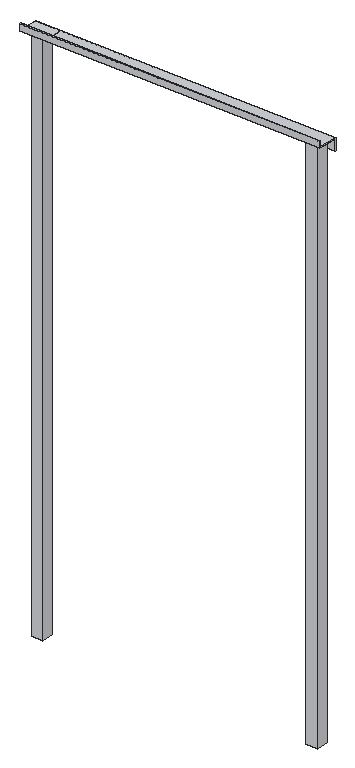
Revit family "Shelving Bay - Add On", category Generic Models, Revit 2013
Parameters (values of type "ADD-ON")
  Width Driver [instance] = 52.43"
  Width [instance] = if(not(and(Right Pole, Left Pole)), Width Driver - 4.42", Width Driver)  # 52.43"
  URL = "http://www.wengercorp.com/Home/Contact.html"
  Right Pole [instance] = yes
  Pole Height = Height - 1.15"  # 94.85"
  Part Number = "241A026"
  Pad Plating Width = 4.42"
  Model = "GEARBOSS SHELF ADD-ON BAY"
  Metal Bay = none
  Manufacturer = "Wenger Corporation"
  Left Pole [instance] = yes
  Height = 96.00"
  Description = "GEARBOSS ATHLETIC SHELVING"
Reference planes (in)
  plane 1 "Center (Front/Back)": y = 0
  plane 2: z = 0
  plane 3 "Center (Left/Right)": x = 0
  plane 4: z = 96
  plane 5 "Right Side": x = 26.215
  plane 6 "Left Side": x = -26.215
  plane 7: x = 25.005
  plane 8: x = -25.005
  plane 9: x = 23.005
  plane 10: x = -23.005
  plane 11: x = 21.795
  plane 12: x = -21.795
  plane 13: y = -0.07
  plane 14: y = -0.45
  plane 15: y = -2.45
  plane 16: y = -3.34
  plane 17: y = -3.42
  plane 18: z = 94.92
  plane 19: z = 94.85
Forms (in)
  Extrusion 1, solid, material <- "Metal Bay"
    sketch origin (-26.215, 0, 0) x (0, 0, 1) y (0, -1, 0)
      loop
        line (96, 3.42) -> (94.92, 3.42) -> (94.92, 0.07) -> (92.93, 0.07) -> (92.93, 0) -> (95, 0) -> (95, 3.34) -> (96, 3.34) -> (96, 3.42)
    from 0 to 52.43 <- "Width"
  Extrusion 2, solid, material <- "Metal Bay"
    sketch origin (21.795, 82.57514, 48) x (0, 1, 0) y (0, 0, 1)
      loop
        line (-85.02514, 46.92) -> (-85.02514, 46.85) -> (-83.02514, 46.85) -> (-83.02514, 46.92) -> (-85.02514, 46.92)
    from 0 to 4.42 <- "Pad Plating Width"
  Extrusion 3, solid, material <- "Metal Bay"
    sketch origin (-26.215, -180, 102.71882) x (0, 0, 1) y (0, -1, 0)
      loop
        line (-7.79882, -177.55) -> (-7.86882, -177.55) -> (-7.86882, -179.55) -> (-7.79882, -179.55) -> (-7.79882, -177.55)
    from 0 to 4.42 <- "Pad Plating Width"
  Extrusion 4, solid, material <- "Metal Bay", visible <- "Left Pole"
    sketch origin (0, 0, 0) x (1, 0, 0) y (0, 1, 0)
      loop
        line (-25.005, -0.45) -> (-25.005, -2.45) -> (-23.005, -2.45) -> (-23.005, -0.45) -> (-25.005, -0.45)
    from 0 to 94.85 <- "Pole Height"
  Extrusion 5, solid, material <- "Metal Bay", visible <- "Right Pole"
    sketch origin (0, 0, 0) x (1, 0, 0) y (0, 1, 0)
      loop
        line (23.005, -0.45) -> (23.005, -2.45) -> (25.005, -2.45) -> (25.005, -0.45) -> (23.005, -0.45)
    from 0 to 94.85 <- "Pole Height"
Lines and regions (in)
  model lines
    curve 1: line (-26.215, 0, 0) -> (26.215, 0, 0)
    curve 2: line (-26.215, -3.42, 0) -> (-26.215, 0, 0)
    curve 3: line (26.215, -3.42, 0) -> (-26.215, -3.42, 0)
    curve 4: line (26.215, 0, 0) -> (26.215, -3.42, 0)
Dimensions and locks (in)
  "Height": plane 4 to level
  equal spacing: plane 6 "Left Side", plane 3 "Center (Left/Right)", plane 5 "Right Side"
  "Width": plane 6 "Left Side" to plane 5 "Right Side"
  locked: plane 7 to plane 5 "Right Side" at 1.21
  locked: plane 6 "Left Side" to plane 8 at 1.21
  locked: plane 9 to plane 7 at 2
  locked: plane 8 to plane 10 at 2
  locked: plane 11 to plane 9 at 1.21
  locked: plane 10 to plane 12 at 1.21
  locked: plane 13 to plane 1 "Center (Front/Back)" at 0.07
  locked: plane 14 to plane 1 "Center (Front/Back)" at 0.45
  locked: plane 15 to plane 1 "Center (Front/Back)" at 2.45
  locked: plane 16 to plane 1 "Center (Front/Back)" at 3.34
  locked: plane 17 to plane 1 "Center (Front/Back)" at 3.42
  locked: plane 4 to plane 18 at 1.08
  locked: plane 18 to plane 19 at 0.07
  plane 4 to plane 19 = 1.15"
  aligned and locked: plane 2 to level
  aligned and locked: Extrusion 1 sketch curve to plane 13
  aligned and locked: Extrusion 1 sketch curve to plane 1 "Center (Front/Back)"
  aligned and locked: Extrusion 1 sketch curve to plane 17
  aligned and locked: Extrusion 1 sketch curve to plane 16
  aligned and locked: Extrusion 2 sketch curve to plane 18
  aligned and locked: plane 15 to Extrusion 2 sketch curve
  aligned and locked: plane 19 to Extrusion 2 sketch curve
  aligned and locked: Extrusion 2 sketch curve to plane 14
  aligned and locked: Extrusion 3 sketch curve to Extrusion 2  (x4)
  aligned and locked: Extrusion 4 sketch curve to plane 14
  aligned and locked: plane 8 to Extrusion 4 sketch curve
  aligned and locked: plane 15 to Extrusion 4 sketch curve
  aligned and locked: Extrusion 4 sketch curve to plane 10
  aligned and locked: Extrusion 5 sketch curve to plane 14
  aligned and locked: plane 9 to Extrusion 5 sketch curve
  aligned and locked: plane 15 to Extrusion 5 sketch curve
  aligned and locked: Extrusion 5 sketch curve to plane 7
  aligned and locked: plane 1 "Center (Front/Back)" to curve 1
  aligned and locked: plane 6 "Left Side" to curve 2
  aligned and locked: plane 17 to curve 3
  aligned and locked: curve 4 to plane 5 "Right Side"
Automatic sketch dimensions
  Extrusion 1 sketch curve to plane 18 = 0.00"
  Extrusion 1 sketch curve to plane 4 = 0.00"
  Extrusion 1 sketch curve to plane 19 = 1.92"
  plane 18 to Extrusion 1 sketch curve = 0.08"
